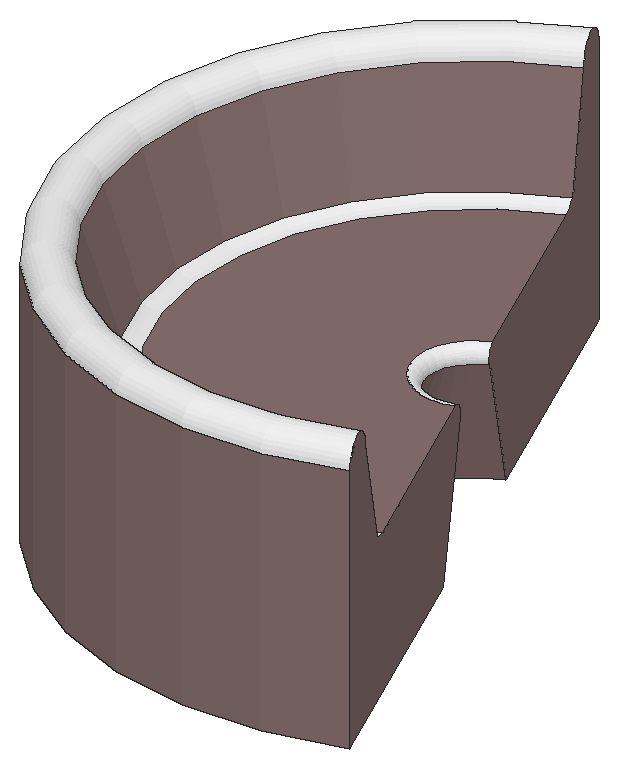
Revit family
Parameters (values of type "Curved_Couch")
  Chair-Seat = Red Fabric
  Chair-Legs = Chrome Legs
  Chair-Back = Red Fabric
  Assembly Code = ""
Reference planes (in)
  plane 1 "Center F/B": y = 0
  plane 2: z = 0
  plane 3 "Center L/R": x = 0
  plane 4: z = 3
Forms (in)
  Sweep 1, solid, material "Cow 3 white"
    path origin (18.02971, 37.82745, 43.79774) x (1, 0, 0) y (0, 1, 0)
      loop
        arc (3.84039, 83.16385) -> (-4.01592, 86.36983) -> (-0.80995, 94.22614) r 6
    profile origin (14.01379, 124.19728, 43.79774) x (-0.921858, -0.387528, 0) y (0, 0, 1)
      loop
        line (26.70172, 5) -> (23.33788, -5.35282)
        arc (23.33788, -5.35282) -> (22.50588, -5.83317) -> (21.55976, -6) r 2.76627
        line (21.55976, -6) -> (-0.44024, -6)
        arc (-0.44024, -6) -> (-1.40297, -6.5195) -> (-1.49726, -7.60938) r 1.15181
        line (-1.49726, -7.60938) -> (3.37653, -21) -> (31.18871, -21) -> (31.18871, 5)
        arc (31.18871, 5) -> (28.94521, 7.2435) -> (26.70172, 5) r 2.2435
Lines and regions (in)
  symbolic lines
    curve 1: line (-53.342, 19.8509, 0) -> (-69.68735, 37.90813, 0)
    curve 2: line (-37.52422, 32.52772, 0) -> (-50.02914, 53.36333, 0)
    curve 3: line (-19.3594, 40.25141, 0) -> (-26.2489, 63.55824, 0)
    curve 4: line (0, 42.85219, 0) -> (0, 67.15219, 0)
    curve 5: line (19.3594, 40.25141, 0) -> (26.2489, 63.55824, 0)
    curve 6: line (37.52422, 32.52772, 0) -> (50.02914, 53.36333, 0)
    curve 7: line (53.342, 19.8509, 0) -> (69.68735, 37.90813, 0)
  reference lines
    curve 8: line (33.95661, 92.23975, 0) -> (5.13326, 160.80515, 0)
Dimensions and locks (in)
  plane 4 to level = 0' - 3"
